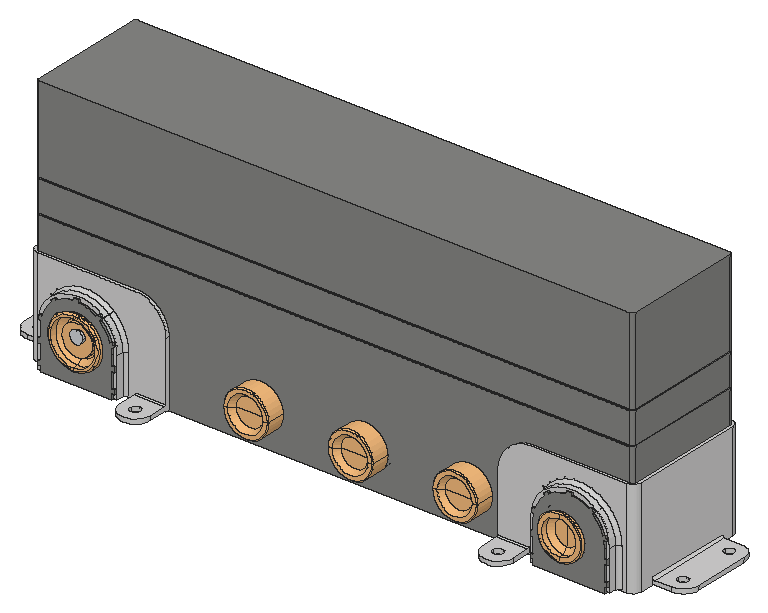
Revit family "Faucet-Valves_and_Controls-KALLISTA-P34725.rfa", category Plumbing Fixtures, host Face, Revit 2021
Family settings
  Host = Face
  Round Connector Dimension = Use Diameter
  Part Type = Normal
  OmniClass Number = 23.27.31.00
  OmniClass Title = Valves
  Cut with Voids When Loaded = No
  Shared = No
  Room Calculation Point = No
Parameters (values of type "NA-Stainless")
  Width = 16 33/64"  # constant formula
  WaterSense Certified = 1 = 0  # no
  Tempered Water Outlet 4 Up [instance] = yes
  Tempered Water Outlet 4 Down [instance] = not(Tempered Water Outlet 4 Up)  # no
  Tempered Water Outlet 4 = "Tempered Water Outlet 4"  # constant formula
  Tempered Water Outlet 3 Up [instance] = yes
  Tempered Water Outlet 3 Down [instance] = not(Tempered Water Outlet 3 Up)  # no
  Tempered Water Outlet 3 = "Tempered Water Outlet 3"  # constant formula
  Tempered Water Outlet 2 Up [instance] = yes
  Tempered Water Outlet 2 Down [instance] = not(Tempered Water Outlet 2 Up)  # no
  Tempered Water Outlet 2 = "Tempered Water Outlet 2 "  # constant formula
  Tempered Water Outlet 1 = "Tempered Water Outlet 1 "  # constant formula
  Waste Connection = 1 = 0  # no
  Vent Connection = 1 = 0  # no
  URL = "https://www.kallista.com/"
  Type = 1
  Tempered Water Outlet 1 Up [instance] = yes
  Tempered Water Outlet 1 Down [instance] = not(Tempered Water Outlet 1 Up)  # no
  Product Page URL = ""
  Product Name = ""
  Product Documentation Link = ""
  Pressure = 60.00 psi  # constant formula
  Model = "P34725-00-NA"  # constant formula
  Material = "Premium Metal Construction"  # constant formula
  Master Format 2014 Name = "Control Valves"  # constant formula
  Master Format 2014 = "23 09 13.33"  # constant formula
  Manufacturer Address = "444 Highland Dr, Kohler, WI 53044"  # constant formula
  Manufacturer = "Kallista Co."  # constant formula
  Length = 6 13/128"  # constant formula
  Hot Water Inlet = "Hot Water Inlet"  # constant formula
  Height = 4 113/128"  # constant formula
  HW Connection = 1 = 1  # yes
  Flow Rate = 11 GPM  # constant formula
  Finish = Kallista-Metal-NA-Stainless
  Environmental Product Declaration = ""
  Description = "Recessed Thermostatic Valve 4 Outlet"  # constant formula
  Default Elevation = 36"
  Declare Label = ""
  Date Modified = "08/02/2022"  # constant formula
  Date Created = "08/02/2022"  # constant formula
  Copyright = "Copyright Kallista Co."  # constant formula
  Contact Us = "https://www.kallista.com/corporate/contact-us/"
  Cold Water Inlet = "Cold Water Inlet"  # constant formula
  CW Connection = 1 = 1  # yes
  Assembly Code = "D2020"
  ADA Compliant = 1 = 0  # no
Reference planes (in)
  plane 1 "Center (Front/Back)": y = 0
  plane 2: z = 0
  plane 3 "Center (Left/Right)": x = 0
  plane 4: y = 2.44094
  plane 5: y = -2.44188
  plane 6: y = -1.59449
  plane 7: y = 1.59449
  plane 8: y = 0.70866
  plane 9: y = -0.70866
  plane 10: y = 2.06693
  plane 11: y = -2.06693
  plane 12: z = -0.00088
  plane 13: z = -5.11811
  plane 14: z = -2.10633
  plane 15: z = -2.89343
  plane 16: y = 1.90957
  plane 17: y = 1.98819
  plane 18: y = -1.90853
  plane 19: y = -1.98819
  plane 20: z = -6.10156
  plane 21: z = -5.21661
  plane 22: x = -8.2579
  plane 23: x = 8.25773
  plane 24: x = -7.88396
  plane 25: x = 7.88396
  plane 26: x = 7.41144
  plane 27: x = -7.41144
  plane 28: x = -6.0332
  plane 29: x = -4.439
  plane 30: x = -1.81655
  plane 31: x = 0.7424
  plane 32: x = 3.3062
  plane 33: x = 5.84649
  plane 34: x = 5.05851
  plane 35: x = 7.0079
  plane 36: x = -7.0079
  plane 37: x = -5.05851
  plane 38: x = 4.439
Forms (in)
  Extrusion 1, void
    sketch origin (0, 0, 0) x (1, 0, 0) y (0, 1, 0)
      loop
        line (7.24348, 1.5155) -> (-7.23521, 1.5155)
        arc (-7.23521, 1.5155) -> (-7.29023, 1.49271) -> (-7.31302, 1.4377) r 0.0778
        line (-7.31302, 1.4377) -> (-7.31302, -1.4394)
        arc (-7.31302, -1.4394) -> (-7.29065, -1.49339) -> (-7.23667, -1.51575) r 0.07635
        line (-7.23667, -1.51575) -> (7.23723, -1.51575)
        arc (7.23723, -1.51575) -> (7.29079, -1.49357) -> (7.31297, -1.44001) r 0.07574
        line (7.31297, -1.44001) -> (7.31297, 1.44601)
        arc (7.31297, 1.44601) -> (7.29262, 1.49515) -> (7.24348, 1.5155) r 0.06949
    from 0 to -3.72055
  Extrusion 2, void
    sketch origin (0, 0, 0) x (1, 0, 0) y (0, 1, 0)
      loop
        line (-8.2579, 2.46949) -> (-8.2579, -2.45386) -> (8.2579, -2.45386) -> (8.2579, 2.46949) -> (-8.2579, 2.46949)
    from -3.72055 to -6.10244
Dimensions and locks (in)
  plane 9 to plane 8 = 1.41732"
  plane 11 to plane 10 = 4.13386"
  level to plane 14 = 2.10633"
  level to plane 15 = 2.89343"
  "Height": plane 5 to plane 4
  "Length": level to plane 20
  "Width": plane 22 to plane 23
  plane 29 to nested 1 = 8.878"
  aligned and locked: plane 2 to host face
  aligned and locked: level to host face
Automatic sketch dimensions
  host sketch curve to host sketch curve = 96"  (x2)
  plane 5 to Extrusion 2 sketch curve = 0.01199"
  Extrusion 2 sketch curve to plane 4 = 0.02855"
  plane 3 "Center (Left/Right)" to Extrusion 2 sketch curve = 8.2579"
  Extrusion 2 sketch curve to plane 3 "Center (Left/Right)" = 8.2579"
  Extrusion 1 sketch curve to plane 27 = 0.09843"
  Extrusion 1 sketch curve to Extrusion 1 sketch curve = 0.07635"
  Extrusion 1 sketch curve to Extrusion 1 sketch curve = 0.0778"
  plane 6 to Extrusion 1 sketch curve = 0.07874"
  Extrusion 1 sketch curve to plane 26 = 0.17421"
  plane 7 to Extrusion 1 sketch curve = 0.07899"
  Extrusion 1 sketch curve to plane 26 = 43/256"
  Extrusion 1 sketch curve to Extrusion 1 sketch curve = 0.07574"
Nested families (in)
  nested 1: "P34725" at (0, 0, -6.10244), type "P34725"
Connectors (in)
  piping at (-6.0332, -1.85039, -5.11819), diameter 0.75, driven by "Flow Rate", driven by "Pressure", driven by "CW Connection", driven by "Cold Water Inlet"
    settings: on nested 1, index 1, connector inside diameter 24", connector length 0", flow factor 0, pipe flow 11 GPM, pressure drop 60.00 psi, fitting loss kfactor 0, connector angle 0.00°, fixture units 0, engagement length 0", angle of deflection 0.00°, flow configuration 1, flow direction 1, fitting loss method 4, system type 19, joint type 0, gender type 0, connector reference index -1, connector utility 1, adjustable connector no, is connector primary yes, connector description "Cold Water Inlet"
  piping at (-6.0332, 1.85039, -5.11819), diameter 0.75, driven by "Flow Rate", driven by "Pressure", driven by "HW Connection", driven by "Hot Water Inlet"
    settings: on nested 1, index 2, connector inside diameter 24", connector length 0", flow factor 0, pipe flow 11 GPM, pressure drop 60.00 psi, fitting loss kfactor 0, connector angle 0.00°, fixture units 0, engagement length 0", angle of deflection 0.00°, flow configuration 1, flow direction 1, fitting loss method 4, system type 19, joint type 0, gender type 0, connector reference index -1, connector utility 1, adjustable connector no, is connector primary no, connector description "Hot Water Inlet"
  piping at (-1.81655, 1.9404, -5.22249), diameter 0.5, driven by "Flow Rate", driven by "Pressure", driven by "HW Connection", driven by "Tempered Water Outlet 1"
    settings: on nested 1, index 3, connector inside diameter 24", connector length 0", flow factor 0, pipe flow 11 GPM, pressure drop 60.00 psi, fitting loss kfactor 0, connector angle 0.00°, fixture units 0, engagement length 0", angle of deflection 0.00°, flow configuration 1, flow direction 2, fitting loss method 4, system type 19, joint type 0, gender type 0, connector reference index -1, connector utility 1, adjustable connector no, is connector primary no, connector description "Tempered Water Outlet 1 "
  piping at (3.3062, 1.94039, -5.22249), diameter 0.5, driven by "Flow Rate", driven by "Pressure", driven by "HW Connection", driven by "Tempered Water Outlet 3"
    settings: on nested 1, index 4, connector inside diameter 24", connector length 0", flow factor 0, pipe flow 11 GPM, pressure drop 60.00 psi, fitting loss kfactor 0, connector angle 0.00°, fixture units 0, engagement length 0", angle of deflection 0.00°, flow configuration 1, flow direction 2, fitting loss method 4, system type 19, joint type 0, gender type 0, connector reference index -1, connector utility 1, adjustable connector no, is connector primary no, connector description "Tempered Water Outlet 3"
  piping at (0.7424, 1.9404, -5.22249), diameter 0.5, driven by "Flow Rate", driven by "Pressure", driven by "HW Connection", driven by "Tempered Water Outlet 2"
    settings: on nested 1, index 5, connector inside diameter 24", connector length 0", flow factor 0, pipe flow 11 GPM, pressure drop 60.00 psi, fitting loss kfactor 0, connector angle 0.00°, fixture units 0, engagement length 0", angle of deflection 0.00°, flow configuration 1, flow direction 2, fitting loss method 4, system type 19, joint type 0, gender type 0, connector reference index -1, connector utility 1, adjustable connector no, is connector primary no, connector description "Tempered Water Outlet 2 "
  piping at (5.84649, 1.85039, -5.22249), diameter 0.5, driven by "Flow Rate", driven by "Pressure", driven by "HW Connection", driven by "Tempered Water Outlet 4"
    settings: on nested 1, index 6, connector inside diameter 24", connector length 0", flow factor 0, pipe flow 11 GPM, pressure drop 60.00 psi, fitting loss kfactor 0, connector angle 0.00°, fixture units 0, engagement length 0", angle of deflection 0.00°, flow configuration 1, flow direction 2, fitting loss method 4, system type 19, joint type 0, gender type 0, connector reference index -1, connector utility 1, adjustable connector no, is connector primary no, connector description "Tempered Water Outlet 4"
Definition of nested family "P34725"
  Parameters (values of type "P34725")
    Material = none
    Default Elevation = 0"
    Connector 4 UP = yes
    Connector 4 Down = not(Connector 4 UP)  # no
    Connector 4 Dis = if(Connector 4 UP, 3 1/32", 0")  # 3 1/32"
    Connector 4 Angle = if(Connector 4 UP, 0.00°, 180.00°)  # 0.00°
    Connector 3 UP = yes
    Connector 3 Down = not(Connector 3 UP)  # no
    Connector 3 Dis = if(Connector 3 UP, 3 1/32", 0")  # 3 1/32"
    Connector 3 Angle = if(Connector 3 UP, 180.00°, 0.00°)  # 180.00°
    Connector 2 UP = yes
    Connector 2 Down = not(Connector 2 UP)  # no
    Connector 2 Dis = if(Connector 2 UP, 3 1/32", 0")  # 3 1/32"
    Connector 2 Angle = if(Connector 2 UP, 0.00°, 180.00°)  # 0.00°
    Connector 1 UP = yes
    Connector 1 Down = not(Connector 1 UP)  # no
    Connector 1 Dis = if(Connector 1 UP, 3 1/32", 0")  # 3 1/32"
    Connector 1 Angle = if(Connector 1 UP, 180.00°, 0.00°)  # 180.00°
  Reference planes (in)
    plane 1 "Center (Front/Back)": y = 0
    plane 2: z = 0
    plane 3 "Center (Left/Right)": x = 0
    plane 4: y = 2.44056
    plane 5: y = 1.51575
    plane 6: y = -2.44056
    plane 7: y = -1.51575
    plane 8: y = 1.59449
    plane 9: y = -1.59449
    plane 10: x = -8.2579
    plane 11: x = -7.41144
    plane 12: x = -7.31302
    plane 13: x = -7.0079
    plane 14: x = -6.96853
    plane 15: x = -5.05851
    plane 16: x = -5.09788
    plane 17: x = -4.81302
    plane 18: x = -4.06498
    plane 19: x = -2.37242
    plane 20: x = -1.26962
    plane 21: x = 0.18692
    plane 22: x = 1.28972
    plane 23: x = 2.74605
    plane 24: x = 3.84885
    plane 25: x = 4.06498
    plane 26: x = 4.81302
    plane 27: x = 5.05851
    plane 28: x = 5.09788
    plane 29: x = 5.30429
    plane 30: x = 6.40685
    plane 31: x = 6.96853
    plane 32: x = 7.0079
    plane 33: x = 8.2579
    plane 34: x = 7.41144
    plane 35: x = 7.31302
    plane 36: z = 6.10236
    plane 37: z = 5.70866
    plane 38: z = 2.38189
    plane 39: z = 0.11829
    plane 40: x = -7.06464
    plane 41: x = -7.21499
    plane 42: x = -4.99619
    plane 43: x = -4.93113
    plane 44: x = 4.96061
    plane 45: x = 7.10628
    plane 46: x = 7.21499
    plane 47: x = -1.81655
    plane 48: x = 5.84649
    plane 49: x = 3.3062
    plane 50: x = 0.7424
    plane 51: x = -6.0332
    plane 52: y = 1.43715
    plane 53: y = 1.39764
    plane 54: y = -1.43715
    plane 55: y = -1.39764
    plane 56: y = -0.04594
    plane 57: y = 1.06299
    plane 58: y = -1.06299
    plane 59: y = 0.7088
    plane 60: y = -0.70874
    plane 61: y = 2.06786
    plane 62: x = -4.439
    plane 63: x = -7.88396
    plane 64: x = 7.88396
    plane 65: y = -2.06786
    plane 66: x = 4.439
    plane 67: z = 0.21715
    plane 68 "B": y = 1.5155
    plane 69 "C": y = 1.5155
    plane 70 "D": y = 1.5155
    plane 71 "E": y = 1.5155
    plane 72: z = 0.87995
    plane 73: z = 0.98425
    plane 74: y = 1.98819
    plane 75: y = -1.98819
  Forms (in)
    Extrusion 1, solid, detail levels medium+fine
      sketch origin (0, 0, 0) x (1, 0, 0) y (0, 1, 0)
        loop
          line (7.23528, 1.51575) -> (-7.23442, 1.51575)
          arc (-7.23442, 1.51575) -> (-7.29, 1.49273) -> (-7.31302, 1.43715) r 0.0786
          line (-7.31302, 1.43715) -> (-7.31302, -1.43749)
          arc (-7.31302, -1.43749) -> (-7.29009, -1.49283) -> (-7.23476, -1.51575) r 0.07826
          line (-7.23476, -1.51575) -> (7.23455, -1.51575)
          arc (7.23455, -1.51575) -> (7.29, -1.49278) -> (7.31297, -1.43733) r 0.07842
          line (7.31297, -1.43733) -> (7.31297, 1.43806)
          arc (7.31297, 1.43806) -> (7.29022, 1.49299) -> (7.23528, 1.51575) r 0.07769
      from 0 to 6.10236
    Extrusion 2, solid, material <- "Material", detail levels medium+fine
      sketch origin (0, 0, 0) x (1, 0, 0) y (0, 1, 0)
        loop
          line (-3.3914, 1.59449) -> (-7.21405, 1.59449)
          arc (-7.21405, 1.59449) -> (-7.35363, 1.53667) -> (-7.41144, 1.3971) r 0.19739
          line (-7.41144, 1.3971) -> (-7.41144, -1.39804)
          arc (-7.41144, -1.39804) -> (-7.3539, -1.53695) -> (-7.21499, -1.59449) r 0.19645
          line (-7.21499, -1.59449) -> (-3.3914, -1.59449) -> (-3.3914, 1.59449)
        loop
          line (3.827, 1.59449) -> (3.827, -1.59449) -> (7.21499, -1.59449)
          arc (7.21499, -1.59449) -> (7.3539, -1.53695) -> (7.41144, -1.39804) r 0.19645
          line (7.41144, -1.39804) -> (7.41144, 1.3971)
          arc (7.41144, 1.3971) -> (7.35363, 1.53667) -> (7.21405, 1.59449) r 0.19739
          line (7.21405, 1.59449) -> (3.827, 1.59449)
      from 0 to 3.16929
    Extrusion 3, void
      sketch origin (0, 0, 0) x (1, 0, 0) y (0, 0, 1)
        loop
          arc (-4.8502, 2.38189) -> (-4.29497, 2.15191) -> (-4.06498, 1.59667) r 0.78522
          line (-4.06498, 1.59667) -> (-4.06498, -0.30561) -> (-3.06498, -0.30561) -> (-3.06498, 3.38189) -> (-7.81498, 3.38189) -> (-7.81498, 2.38189) -> (-4.8502, 2.38189)
        loop
          line (7.8518, 2.38189) -> (7.8518, 3.38189) -> (3.2893, 3.38189) -> (3.2893, -0.71748) -> (4.06494, -0.71748) -> (4.06494, 1.59502)
          arc (4.06494, 1.59502) -> (4.29541, 2.15142) -> (4.8518, 2.38189) r 0.78687
          line (4.8518, 2.38189) -> (7.8518, 2.38189)
      from -2.82494 to 2.86769
    Extrusion 4, solid, material <- "Material", detail levels medium+fine
      sketch origin (0, 0, -0.00391) x (1, 0, 0) y (0, 1, 0)
        loop
          line (-7.41144, 1.06299) -> (-7.8832, 1.06299)
          arc (-7.8832, 1.06299) -> (-8.14815, 0.95325) -> (-8.2579, 0.68829) r 0.3747
          line (-8.2579, 0.68829) -> (-8.2579, -0.68823)
          arc (-8.2579, -0.68823) -> (-8.14813, -0.95323) -> (-7.88314, -1.06299) r 0.37476
          line (-7.88314, -1.06299) -> (-7.41144, -1.06299) -> (-7.41144, 1.06299)
        loop
          arc (-4.81302, -2.06655) -> (-4.439, -2.44056) -> (-4.06498, -2.06655) r 0.37402
          line (-4.06498, -2.06655) -> (-4.06498, -1.59449) -> (-4.81302, -1.59449) -> (-4.81302, -2.06655)
        loop
          line (-4.06498, 1.59449) -> (-4.06498, 2.06786)
          arc (-4.06498, 2.06786) -> (-4.439, 2.44188) -> (-4.81302, 2.06786) r 0.37402
          line (-4.81302, 2.06786) -> (-4.81302, 1.59449) -> (-4.06498, 1.59449)
        loop
          circle (-7.88396, 0.7088) r 0.12529
        loop
          circle (-7.88396, -0.7088) r 0.12529
        loop
          circle (-4.439, 2.06786) r 0.12354
        loop
          circle (-4.439, -2.06655) r 0.12509
        loop
          line (7.41144, 1.06299) -> (7.41144, -1.06299) -> (7.88314, -1.06299)
          arc (7.88314, -1.06299) -> (8.14813, -0.95323) -> (8.2579, -0.68823) r 0.37476
          line (8.2579, -0.68823) -> (8.2579, 0.68829)
          arc (8.2579, 0.68829) -> (8.14815, 0.95325) -> (7.8832, 1.06299) r 0.3747
          line (7.8832, 1.06299) -> (7.41144, 1.06299)
        loop
          line (4.81302, -2.06655) -> (4.81302, -1.59449) -> (4.06498, -1.59449) -> (4.06498, -2.06655)
          arc (4.06498, -2.06655) -> (4.439, -2.44056) -> (4.81302, -2.06655) r 0.37402
        loop
          line (4.06498, 1.59449) -> (4.81302, 1.59449) -> (4.81302, 2.06786)
          arc (4.81302, 2.06786) -> (4.439, 2.44188) -> (4.06498, 2.06786) r 0.37402
          line (4.06498, 2.06786) -> (4.06498, 1.59449)
        loop
          circle (7.88396, 0.7088) r 0.12529
        loop
          circle (7.88396, -0.7088) r 0.12529
        loop
          circle (4.439, 2.06786) r 0.12354
        loop
          circle (4.439, -2.06655) r 0.12509
      from 0.02344 to 0.12219
    Sweep 5, solid, material <- "Material", detail levels medium+fine
      path origin (0, 0, 0) x (1, 0, 0) y (0, 0, 1)
        loop
          line (-5.05908, 0.01969) -> (-5.05908, 0.98445)
          arc (-5.05908, 0.98445) -> (-6.03349, 1.95886) -> (-7.0079, 0.98445) r 0.97441
          line (-7.0079, 0.98445) -> (-7.0079, 0.01969)
      profile origin (-7.0079, 0, 0.50207) x (0, -1, 0) y (1, 0, 0)
        loop
          line (1.85039, 0) -> (1.85039, 0.31023) -> (1.58863, 0.31023) -> (1.58863, -0.07652)
          arc (1.58863, -0.07652) -> (1.62824, -0.02118) -> (1.69291, 0) r 0.10932
          line (1.69291, 0) -> (1.85039, 0)
        loop
          line (-1.85039, 0) -> (-1.69291, 0)
          arc (-1.69291, 0) -> (-1.62824, -0.02118) -> (-1.58863, -0.07652) r 0.10932
          line (-1.58863, -0.07652) -> (-1.58863, 0.31023) -> (-1.85039, 0.31023) -> (-1.85039, 0)
    Sweep 6, solid, material <- "Material", detail levels medium+fine
      path origin (0, 0, 0) x (-1, 0, 0) y (0, 0, 1)
        loop
          line (-5.05908, 0.01969) -> (-5.05908, 0.98445)
          arc (-5.05908, 0.98445) -> (-6.03349, 1.95886) -> (-7.0079, 0.98445) r 0.97441
          line (-7.0079, 0.98445) -> (-7.0079, 0.01969)
      profile origin (7.0079, 0, 0.50207) x (0, -1, 0) y (1, 0, 0)
        loop
          line (1.85039, 0) -> (1.69291, 0)
          arc (1.69291, 0) -> (1.62042, 0.02929) -> (1.58863, 0.10072) r 0.10435
          line (1.58863, 0.10072) -> (1.58863, -0.31023) -> (1.85039, -0.31023) -> (1.85039, 0)
        loop
          line (-1.85039, 0) -> (-1.85039, -0.31023) -> (-1.58863, -0.31023) -> (-1.58863, 0.10072)
          arc (-1.58863, 0.10072) -> (-1.62042, 0.02929) -> (-1.69291, 0) r 0.10435
          line (-1.69291, 0) -> (-1.85039, 0)
    Extrusion 7, solid, detail levels medium+fine
      sketch origin (0, 0, 0) x (1, 0, 0) y (0, 0, 1)
        loop
          line (-6.90947, 0.1378) -> (-6.90947, 0) -> (-5.1575, 0) -> (-5.1575, 0.1378) -> (-5.09845, 0.1378) -> (-5.09845, 0.25591) -> (-5.1575, 0.25591) -> (-5.1575, 0.62992) -> (-5.09845, 0.62992) -> (-5.09845, 0.74803) -> (-5.1575, 0.74803) -> (-5.1575, 0.98425)
          arc (-5.1575, 0.98425) -> (-5.16093, 1.06162) -> (-5.17117, 1.13839) r 0.87598
          line (-5.17117, 1.13839) -> (-5.1138, 1.15269)
          arc (-5.1138, 1.15269) -> (-5.12627, 1.21045) -> (-5.14235, 1.2673) r 0.93495
          line (-5.14235, 1.2673) -> (-5.19974, 1.25299)
          arc (-5.19974, 1.25299) -> (-5.29883, 1.46135) -> (-5.44887, 1.63661) r 0.87598
          line (-5.44887, 1.63661) -> (-5.4124, 1.68329)
          arc (-5.4124, 1.68329) -> (-5.45778, 1.72112) -> (-5.50546, 1.75602) r 0.93495
          line (-5.50546, 1.75602) -> (-5.54194, 1.70932)
          arc (-5.54194, 1.70932) -> (-5.7483, 1.81251) -> (-5.97443, 1.85824) r 0.87598
          line (-5.97443, 1.85824) -> (-5.97443, 1.91753)
          arc (-5.97443, 1.91753) -> (-6.03349, 1.9194) -> (-6.09254, 1.91753) r 0.93495
          line (-6.09254, 1.91753) -> (-6.09254, 1.85824)
          arc (-6.09254, 1.85824) -> (-6.31868, 1.81251) -> (-6.52503, 1.70932) r 0.87598
          line (-6.52503, 1.70932) -> (-6.56151, 1.75602)
          arc (-6.56151, 1.75602) -> (-6.60919, 1.72112) -> (-6.65458, 1.68329) r 0.93495
          line (-6.65458, 1.68329) -> (-6.61811, 1.63661)
          arc (-6.61811, 1.63661) -> (-6.76815, 1.46135) -> (-6.86723, 1.25299) r 0.87598
          line (-6.86723, 1.25299) -> (-6.92462, 1.2673)
          arc (-6.92462, 1.2673) -> (-6.94071, 1.21045) -> (-6.95317, 1.15269) r 0.93495
          line (-6.95317, 1.15269) -> (-6.8958, 1.13839)
          arc (-6.8958, 1.13839) -> (-6.90605, 1.06162) -> (-6.90947, 0.98425) r 0.87598
          line (-6.90947, 0.98425) -> (-6.90947, 0.74803) -> (-6.96853, 0.74803) -> (-6.96853, 0.62992) -> (-6.90947, 0.62992) -> (-6.90947, 0.25591) -> (-6.96853, 0.25591) -> (-6.96853, 0.1378) -> (-6.90947, 0.1378)
        loop
          line (6.90926, 0.1378) -> (6.96832, 0.1378) -> (6.96832, 0.25591) -> (6.90926, 0.25591) -> (6.90926, 0.62992) -> (6.96832, 0.62992) -> (6.96832, 0.74803) -> (6.90926, 0.74803) -> (6.90926, 0.98425)
          arc (6.90926, 0.98425) -> (6.90584, 1.06162) -> (6.8956, 1.13839) r 0.87598
          line (6.8956, 1.13839) -> (6.95296, 1.15269)
          arc (6.95296, 1.15269) -> (6.9405, 1.21045) -> (6.92441, 1.2673) r 0.93495
          line (6.92441, 1.2673) -> (6.86702, 1.25299)
          arc (6.86702, 1.25299) -> (6.76794, 1.46135) -> (6.6179, 1.63661) r 0.87598
          line (6.6179, 1.63661) -> (6.65437, 1.68329)
          arc (6.65437, 1.68329) -> (6.60899, 1.72112) -> (6.5613, 1.75602) r 0.93495
          line (6.5613, 1.75602) -> (6.52483, 1.70932)
          arc (6.52483, 1.70932) -> (6.31847, 1.81251) -> (6.09233, 1.85824) r 0.87598
          line (6.09233, 1.85824) -> (6.09233, 1.91753)
          arc (6.09233, 1.91753) -> (6.03328, 1.9194) -> (5.97422, 1.91753) r 0.93495
          line (5.97422, 1.91753) -> (5.97422, 1.85824)
          arc (5.97422, 1.85824) -> (5.74809, 1.81251) -> (5.54173, 1.70932) r 0.87598
          line (5.54173, 1.70932) -> (5.50525, 1.75602)
          arc (5.50525, 1.75602) -> (5.45757, 1.72112) -> (5.41219, 1.68329) r 0.93495
          line (5.41219, 1.68329) -> (5.44866, 1.63661)
          arc (5.44866, 1.63661) -> (5.29862, 1.46135) -> (5.19954, 1.25299) r 0.87598
          line (5.19954, 1.25299) -> (5.14214, 1.2673)
          arc (5.14214, 1.2673) -> (5.12606, 1.21045) -> (5.11359, 1.15269) r 0.93495
          line (5.11359, 1.15269) -> (5.17096, 1.13839)
          arc (5.17096, 1.13839) -> (5.16072, 1.06162) -> (5.15729, 0.98425) r 0.87598
          line (5.15729, 0.98425) -> (5.15729, 0.74803) -> (5.09824, 0.74803) -> (5.09824, 0.62992) -> (5.15729, 0.62992) -> (5.15729, 0.25591) -> (5.09824, 0.25591) -> (5.09824, 0.1378) -> (5.15729, 0.1378) -> (5.15729, 0) -> (6.90926, 0) -> (6.90926, 0.1378)
      from -1.92913 to 1.8897
    Revolve 8, solid, detail levels medium+fine
      sketch origin (-6.0332, 0, 0) x (0, 1, 0) y (0, 0, 1)
        loop
          line (-1.98819, 1.58465) -> (-1.98819, 1.52773) -> (-1.85039, 1.52773) -> (-1.72942, 1.40675) -> (-1.72942, 0.98425) -> (1.72942, 0.98425) -> (1.72942, 1.40675) -> (1.85039, 1.52773) -> (1.98819, 1.52773) -> (1.98819, 1.58465) -> (1.94895, 1.62388) -> (-1.94895, 1.62388) -> (-1.98819, 1.58465)
        axis (1.98819, 0.98425) -> (-1.98819, 0.98425)
      angle from 0 to 360
    Revolve 9, solid, detail levels medium+fine
      sketch origin (5.85547, 0, 0) x (0, 1, 0) y (0, 0, 1)
        loop
          line (-1.9685, 1.30575) -> (-1.84716, 1.30575) -> (-1.72942, 1.188) -> (-1.72942, 0.88583) -> (1.72942, 0.88583) -> (1.72942, 1.188) -> (1.84716, 1.30575) -> (1.9685, 1.30575) -> (1.9685, 1.4127) -> (1.94882, 1.43701) -> (-1.94882, 1.43701) -> (-1.9685, 1.4127) -> (-1.9685, 1.30575)
        axis (-1.9685, 0.88583) -> (1.9685, 0.88583)
      angle from 0 to 360
    Revolve 10, solid, detail levels medium+fine
      sketch origin (0, 0, 0.88574) x (1, 0, 0) y (0, 1, 0)
        loop
          line (2.86415, -1.9685) -> (2.95569, -1.83778) -> (3.29722, -1.83778) -> (3.29722, 1.83778) -> (2.95569, 1.83778) -> (2.86415, 1.9685) -> (2.76572, 1.9685) -> (2.74604, 1.94039) -> (2.74604, -1.94039) -> (2.76572, -1.9685) -> (2.86415, -1.9685)
        axis (3.29722, -1.9685) -> (3.29722, 1.9685)
      angle from 0 to 360
    Revolve 11, solid, detail levels medium+fine
      sketch origin (4.03612, 0, 0.88574) x (-1, 0, 0) y (0, -1, 0)
        loop
          line (3.73029, 1.9685) -> (3.63876, 1.83777) -> (3.29722, 1.83777) -> (3.29722, -1.83778) -> (3.63876, -1.83778) -> (3.73029, -1.96851) -> (3.82872, -1.96851) -> (3.8484, -1.9404) -> (3.8484, 1.94039) -> (3.82872, 1.9685) -> (3.73029, 1.9685)
        axis (3.29722, 1.9685) -> (3.29722, -1.96851)
      angle from 0 to 360
    Revolve 12, solid, detail levels medium+fine
      sketch origin (-5.11824, 0, 0.88574) x (1, 0, 0) y (0, 1, 0)
        loop
          line (2.86415, -1.9685) -> (2.95569, -1.83778) -> (3.29722, -1.83778) -> (3.29722, 1.83778) -> (2.95569, 1.83778) -> (2.86415, 1.9685) -> (2.76572, 1.9685) -> (2.74604, 1.94039) -> (2.74604, -1.94039) -> (2.76572, -1.9685) -> (2.86415, -1.9685)
        axis (3.29722, -1.9685) -> (3.29722, 1.9685)
      angle from 0 to 360
    Sweep 13, void
      path origin (0, 0, 0) x (1, 0, 0) y (0, 1, 0)
        loop
          line (-7.31302, 1.43715) -> (-7.31302, -1.43749)
          arc (-7.31302, -1.43749) -> (-7.29009, -1.49283) -> (-7.23476, -1.51575) r 0.07826
          line (-7.23476, -1.51575) -> (7.23455, -1.51575)
          arc (7.23455, -1.51575) -> (7.29, -1.49278) -> (7.31297, -1.43733) r 0.07842
          line (7.31297, -1.43733) -> (7.31297, 1.43806)
          arc (7.31297, 1.43806) -> (7.29022, 1.49299) -> (7.23528, 1.51575) r 0.07769
          line (7.23528, 1.51575) -> (-7.23442, 1.51575)
          arc (-7.23442, 1.51575) -> (-7.29, 1.49273) -> (-7.31302, 1.43715) r 0.0786
      profile origin (-7.31302, -0.00017, 0) x (1, 0, 0) y (0, 0, 1)
        loop
          line (0.01969, 3.20866) -> (-0.03333, 3.20866) -> (-0.03333, 3.16929) -> (0.01969, 3.16929) -> (0.01969, 3.20866)
        loop
          line (0.01969, 3.99606) -> (-0.03033, 3.99606) -> (-0.03033, 3.95669) -> (0.01969, 3.95669) -> (0.01969, 3.99606)
    Extrusion 14, void
      sketch origin (0, 0, 0) x (1, 0, 0) y (0, 0, 1)
        loop
          circle (-6.0332, 0.98425) r 0.60039
      from 1.43701 to 2.06237
    Extrusion 15, void
      sketch origin (0, 0, 0) x (1, 0, 0) y (0, 0, 1)
        loop
          circle (5.85547, 0.88583) r 0.44719
      from 1.06299 to 2.19501
    Extrusion 16, void
      sketch origin (0, 0, 0) x (1, 0, 0) y (0, 0, -1)
        loop
          circle (-6.0332, -0.98425) r 0.60039
      from 1.43701 to 2.06237
    Extrusion 17, void
      sketch origin (0, 0, 0) x (1, 0, 0) y (0, 0, -1)
        loop
          circle (5.85547, -0.88583) r 0.5
      from 1.06299 to 2.19501
    Extrusion 18, solid, material <- "Material", detail levels medium+fine
      sketch origin (0, 0, 0) x (1, 0, 0) y (0, 0, 1)
        loop
          line (-7.50289, 0.11079) -> (-7.40402, 0.11079) -> (-7.40402, 0.20277)
          arc (-7.40402, 0.20277) -> (-7.43537, 0.13734) -> (-7.50289, 0.11079) r 0.09913
      from -1.06299 to 1.06299
    Extrusion 19, solid, material <- "Material", detail levels medium+fine
      sketch origin (0, 0, 0) x (-1, 0, 0) y (0, 0, -1)
        loop
          arc (-7.50289, -0.11079) -> (-7.43537, -0.13734) -> (-7.40402, -0.20277) r 0.09913
          line (-7.40402, -0.20277) -> (-7.40402, -0.11079) -> (-7.50289, -0.11079)
      from -1.06299 to 1.06299
    Extrusion 20, solid, material <- "Material", detail levels medium+fine
      sketch origin (0, -0.10547, -0.00391) x (0, 1, 0) y (0, 0, 1)
        loop
          arc (1.75993, 0.11488) -> (1.70932, 0.14101) -> (1.68901, 0.19422) r 0.07984
          line (1.68901, 0.19422) -> (1.68901, 0.11488) -> (1.75993, 0.11488)
      from 4.06494 to 4.81302
    Extrusion 21, solid, material <- "Material", detail levels medium+fine
      sketch origin (0, -0.10547, -0.00391) x (0, 1, 0) y (0, 0, -1)
        loop
          line (1.75993, -0.11488) -> (1.68901, -0.11488) -> (1.68901, -0.19422)
          arc (1.68901, -0.19422) -> (1.70932, -0.14101) -> (1.75993, -0.11488) r 0.07984
      from 4.06494 to 4.81302
    Extrusion 22, solid, material <- "Material", detail levels medium+fine
      sketch origin (0, 0.10547, -0.00391) x (0, -1, 0) y (0, 0, -1)
        loop
          line (1.75993, -0.11488) -> (1.68901, -0.11488) -> (1.68901, -0.19422)
          arc (1.68901, -0.19422) -> (1.70932, -0.14101) -> (1.75993, -0.11488) r 0.07984
      from 4.06494 to 4.81302
    Extrusion 23, solid, material <- "Material", detail levels medium+fine
      sketch origin (0, 0.10547, -0.00391) x (0, -1, 0) y (0, 0, 1)
        loop
          arc (1.75993, 0.11488) -> (1.70932, 0.14101) -> (1.68901, 0.19422) r 0.07984
          line (1.68901, 0.19422) -> (1.68901, 0.11488) -> (1.75993, 0.11488)
      from 4.06494 to 4.81302
    Extrusion 24, solid, detail levels medium+fine
      sketch origin (0, 0, 0) x (1, 0, 0) y (0, 0, 1)
        loop
          circle (-6.0332, 0.98425) r 0.375
      from -1.85039 to 1.85039
    Extrusion 25, solid, material <- "Material", detail levels coarse
      sketch origin (0, 0, 0) x (1, 0, 0) y (0, 0, 1)
        loop
          line (-7.08442, 0) -> (-4.98256, 0) -> (-4.98256, 0.98862)
          arc (-4.98256, 0.98862) -> (-6.03349, 2.03955) -> (-7.08442, 0.98862) r 1.05093
          line (-7.08442, 0.98862) -> (-7.08442, 0)
      from -1.92913 to 1.8897
    Extrusion 26, solid, material <- "Material", detail levels coarse
      sketch origin (0, 0, 0) x (-1, 0, 0) y (0, 0, -1)
        loop
          line (-7.08442, 0) -> (-7.08442, -0.98862)
          arc (-7.08442, -0.98862) -> (-6.03349, -2.03955) -> (-4.98256, -0.98862) r 1.05093
          line (-4.98256, -0.98862) -> (-4.98256, 0) -> (-7.08442, 0)
      from -1.92913 to 1.8897
    Extrusion 27, solid, detail levels coarse
      sketch origin (0, 0, 0) x (1, 0, 0) y (0, 0, 1)
        loop
          circle (-6.0332, 0.98425) r 0.69038
      from -1.98819 to 1.98819
    Extrusion 28, solid, detail levels coarse
      sketch origin (12.69224, 0, -0.09375) x (1, 0, 0) y (0, 0, 1)
        loop
          circle (-14.51192, 0.97949) r 0.58377
        loop
          circle (-11.952, 0.97949) r 0.58377
        loop
          circle (-9.39368, 0.97949) r 0.58377
      from -1.98819 to 1.98819
    Extrusion 29, solid, detail levels coarse
      sketch origin (11.89365, 0, -0.09375) x (1, 0, 0) y (0, 0, 1)
        loop
          circle (-6.03818, 0.97958) r 0.56629
      from -1.98819 to 1.98819
    Extrusion 30, solid, material <- "Material", detail levels coarse
      sketch origin (0, 0, 0) x (1, 0, 0) y (0, 1, 0)
        loop
          line (-8.2579, -1.06299) -> (-7.41144, -1.06299) -> (-7.41144, -1.59449) -> (-4.81302, -1.59449) -> (-4.81302, -2.06655)
          arc (-4.81302, -2.06655) -> (-4.439, -2.44056) -> (-4.06498, -2.06655) r 0.37402
          line (-4.06498, -2.06655) -> (-4.06498, 2.06786)
          arc (-4.06498, 2.06786) -> (-4.439, 2.44188) -> (-4.81302, 2.06786) r 0.37402
          line (-4.81302, 2.06786) -> (-4.81302, 1.59449) -> (-7.41144, 1.59449) -> (-7.41144, 1.06299) -> (-8.2579, 1.06299) -> (-8.2579, -1.06299)
        loop
          line (8.2579, -1.06299) -> (8.2579, 1.06299) -> (7.41144, 1.06299) -> (7.41144, 1.59449) -> (4.81302, 1.59449) -> (4.81302, 2.06786)
          arc (4.81302, 2.06786) -> (4.439, 2.44188) -> (4.06498, 2.06786) r 0.37402
          line (4.06498, 2.06786) -> (4.06498, -2.06655)
          arc (4.06498, -2.06655) -> (4.439, -2.44056) -> (4.81302, -2.06655) r 0.37402
          line (4.81302, -2.06655) -> (4.81302, -1.59449) -> (7.41144, -1.59449) -> (7.41144, -1.06299) -> (8.2579, -1.06299)
        loop
          circle (-4.439, -2.06655) r 0.12509
        loop
          circle (-7.88396, -0.7088) r 0.12529
        loop
          circle (-7.88396, 0.7088) r 0.12529
        loop
          circle (-4.439, 2.06786) r 0.12354
        loop
          circle (4.439, 2.06786) r 0.12354
        loop
          circle (4.439, -2.06655) r 0.12509
        loop
          circle (7.88396, -0.7088) r 0.12529
        loop
          circle (7.88396, 0.7088) r 0.12529
      from 0 to 0.11829
    Revolve 31, solid, detail levels medium+fine
      sketch origin (5.84649, 1.5155, 0.87995) x (0, 1, 0) y (-1, 0, 0)
        loop
          line (0.00004, 0) -> (0.00004, -0.25) -> (0.33489, -0.25) -> (0.33489, 0) -> (0.00004, 0)
        axis (0.00004, 0) -> (0.33489, 0)
      angle from 0 to 360
    Revolve 32, solid, detail levels medium+fine
      sketch origin (3.3062, 1.5155, 0.87995) x (0, 1, 0) y (-1, 0, 0)
        loop
          line (0.00113, 0) -> (0.00113, -0.25) -> (0.42489, -0.25) -> (0.42489, 0) -> (0.00113, 0)
        axis (0.00113, 0) -> (0.42489, 0)
      angle from 0 to 360
    Revolve 33, solid, detail levels medium+fine
      sketch origin (0.7424, 1.5155, 0.87995) x (0, 1, 0) y (-1, 0, 0)
        loop
          line (0.0011, 0) -> (0.0011, -0.25) -> (0.4249, -0.25) -> (0.4249, 0) -> (0.0011, 0)
        axis (0.0011, 0) -> (0.4249, 0)
      angle from 0 to 360
    Revolve 34, solid, detail levels medium+fine
      sketch origin (-1.81655, 1.5155, 0.87995) x (0, 1, 0) y (-1, 0, 0)
        loop
          line (0.00116, 0) -> (0.00116, -0.25) -> (0.4249, -0.25) -> (0.4249, 0) -> (0.00116, 0)
        axis (0.00116, 0) -> (0.4249, 0)
      angle from 0 to 360
    Extrusion 35, solid, detail levels medium+fine
      sketch origin (-3.80261, 0.00609, 0.1017) x (1, 0, 0) y (0, 0, 1)
        loop
          circle (-2.20961, 0.98425) r 0.15748
      from -1.90938 to 1.90938
    Extrusion 36, solid, material <- "Material", detail levels coarse
      sketch origin (0, 0, 0) x (1, 0, 0) y (0, 1, 0)
        loop
          arc (7.41144, 1.3971) -> (7.35363, 1.53667) -> (7.21405, 1.59449) r 0.19739
          line (7.21405, 1.59449) -> (4.06498, 1.59449) -> (4.06498, 1.51575) -> (7.23205, 1.51575)
          arc (7.23205, 1.51575) -> (7.28927, 1.49205) -> (7.31297, 1.43483) r 0.08092
          line (7.31297, 1.43483) -> (7.31297, -1.43644)
          arc (7.31297, -1.43644) -> (7.28974, -1.49252) -> (7.23366, -1.51575) r 0.07931
          line (7.23366, -1.51575) -> (4.06498, -1.51575) -> (4.06498, -1.59449) -> (7.21499, -1.59449)
          arc (7.21499, -1.59449) -> (7.3539, -1.53695) -> (7.41144, -1.39804) r 0.19645
          line (7.41144, -1.39804) -> (7.41144, 1.3971)
        loop
          line (-4.06498, 1.59449) -> (-7.21405, 1.59449)
          arc (-7.21405, 1.59449) -> (-7.35363, 1.53667) -> (-7.41144, 1.3971) r 0.19739
          line (-7.41144, 1.3971) -> (-7.41144, -1.39804)
          arc (-7.41144, -1.39804) -> (-7.3539, -1.53695) -> (-7.21499, -1.59449) r 0.19645
          line (-7.21499, -1.59449) -> (-4.06498, -1.59449) -> (-4.06498, -1.51575) -> (-7.23274, -1.51575)
          arc (-7.23274, -1.51575) -> (-7.2895, -1.49224) -> (-7.31302, -1.43548) r 0.08027
          line (-7.31302, -1.43548) -> (-7.31302, 1.43672)
          arc (-7.31302, 1.43672) -> (-7.28987, 1.4926) -> (-7.23398, 1.51575) r 0.07903
          line (-7.23398, 1.51575) -> (-4.06498, 1.51575) -> (-4.06498, 1.59449)
      from 0 to 2.38189
    Extrusion 37, solid, detail levels coarse
      sketch origin (0, 0, 0) x (1, 0, 0) y (0, 1, 0)
        loop
          arc (7.31297, 1.43806) -> (7.29022, 1.49299) -> (7.23528, 1.51575) r 0.07769
          line (7.23528, 1.51575) -> (-7.23442, 1.51575)
          arc (-7.23442, 1.51575) -> (-7.29, 1.49273) -> (-7.31302, 1.43715) r 0.0786
          line (-7.31302, 1.43715) -> (-7.31302, -1.43749)
          arc (-7.31302, -1.43749) -> (-7.29009, -1.49283) -> (-7.23476, -1.51575) r 0.07826
          line (-7.23476, -1.51575) -> (7.23455, -1.51575)
          arc (7.23455, -1.51575) -> (7.29, -1.49278) -> (7.31297, -1.43733) r 0.07842
          line (7.31297, -1.43733) -> (7.31297, 1.43806)
      from 0 to 6.10236
  Cuts and joins
    Extrusion 16 cuts Sweep 6
    Extrusion 3, Extrusion 16, Extrusion 17 cuts Extrusion 2
    joined: Extrusion 2, Extrusion 4, Extrusion 18, Extrusion 19, Extrusion 20, Extrusion 21, Extrusion 22, Extrusion 23
    joined: Revolve 8, Revolve 9, Revolve 10, Revolve 11, Revolve 12, Extrusion 24
    joined: Extrusion 25, Extrusion 26, Extrusion 30, Extrusion 36
    joined: Extrusion 27, Extrusion 28, Extrusion 29
    Extrusion 16, Extrusion 17 cuts Sweep 5
    Sweep 13, Extrusion 16, Extrusion 17 cuts Extrusion 1
    Extrusion 14, Extrusion 15, Extrusion 16, Extrusion 17 cuts Extrusion 7
  Lines and regions (in)
    Masking region 1, detail levels medium+fine
      outline origin (0, 0, 0) x (1, 0, 0) y (0, 0, 1)
        loop
          line (7.31288, 6.10236) -> (-7.31302, 6.10236) -> (-7.31302, 2.38189) -> (-7.41144, 2.38189) -> (-7.41144, 0.21465)
          arc (-7.41144, 0.21465) -> (-7.43972, 0.14638) -> (-7.50798, 0.11811) r 0.09654
          line (-7.50798, 0.11811) -> (-8.2579, 0.11811) -> (-8.2579, 0) -> (8.2579, 0) -> (8.2579, 0.11826) -> (7.50928, 0.11826)
          arc (7.50928, 0.11826) -> (7.4401, 0.14692) -> (7.41144, 0.21611) r 0.09784
          line (7.41144, 0.21611) -> (7.41144, 2.38189) -> (7.31288, 2.38189) -> (7.31288, 6.10236)
    Masking region 2
      outline origin (0, 0, 0) x (0, 1, 0) y (0, 0, 1)
        loop
          line (1.51575, 6.10236) -> (-1.51575, 6.10236) -> (-1.51575, 2.38189) -> (-1.59449, 2.38189) -> (-1.59449, 2.05669)
          arc (-1.59449, 2.05669) -> (-1.62314, 1.98751) -> (-1.69233, 1.95886) r 0.09784
          line (-1.69233, 1.95886) -> (-1.85039, 1.95886) -> (-1.85039, 1.9194) -> (-1.8897, 1.9194) -> (-1.8897, 1.62388) -> (-1.94895, 1.62388) -> (-1.98819, 1.58465) -> (-1.98819, 0.37402) -> (-1.94882, 0.33465) -> (-1.8897, 0.33465) -> (-1.8897, 0.11826) -> (-2.44056, 0.11826) -> (-2.44056, 0) -> (-0.00047, 0) -> (2.44191, 0) -> (2.44191, 0.11826) -> (1.92913, 0.11826) -> (1.92913, 0.31495) -> (1.98819, 0.37402) -> (1.98819, 1.58465) -> (1.92876, 1.64407) -> (1.92876, 1.9194) -> (1.85039, 1.9194) -> (1.85039, 1.95886) -> (1.69233, 1.95886)
          arc (1.69233, 1.95886) -> (1.62314, 1.98751) -> (1.59449, 2.05669) r 0.09784
          line (1.59449, 2.05669) -> (1.59449, 2.38189) -> (1.51575, 2.38189) -> (1.51575, 6.10236)
    Masking region 3
      outline origin (5.84649, 1.5155, 0.87995) x (0, 1, 0) y (-1, 0, 0)
        loop
          arc (0.00025, 13.08091) -> (-0.02277, 13.13648) -> (-0.07835, 13.1595) r 0.0786
          line (-0.07835, 13.1595) -> (-2.95299, 13.1595)
          arc (-2.95299, 13.1595) -> (-3.00833, 13.13658) -> (-3.03125, 13.08124) r 0.07826
          line (-3.03125, 13.08124) -> (-3.03125, -1.38806)
          arc (-3.03125, -1.38806) -> (-3.00828, -1.44351) -> (-2.95283, -1.46648) r 0.07842
          line (-2.95283, -1.46648) -> (-0.07744, -1.46648)
          arc (-0.07744, -1.46648) -> (-0.02251, -1.44373) -> (0.00025, -1.3888) r 0.07769
          line (0.00025, -1.3888) -> (0.00025, 13.08091)
    symbolic lines, detail levels medium+fine
      curve 1: line (-7.31302, 0, 5.70866) -> (7.31297, 0, 5.70866)
      curve 2: line (-7.21499, 0, 2.38189) -> (-7.21499, 0, 0.01969)
      curve 3: line (-7.88388, 0, 0.11811) -> (-7.88388, 0, 0.01969)
      curve 4: line (-7.31302, 0, 2.38189) -> (-4.8502, 0, 2.38189)
      curve 5: arc (-4.8502, 0, 2.38189) -> (-4.29497, 0, 2.15191) -> (-4.06498, 0, 1.59667) r 0.78522
      curve 6: line (-4.06498, 0, 1.59667) -> (-4.06498, 0, 0.01953)
      curve 7: line (-4.06498, 0, 0.11829) -> (-4.81302, 0, 0.11829)
      curve 8: line (-4.81302, 0, 0.21664) -> (-4.81302, 0, 0.01953)
      curve 9: line (-4.81302, 0, 0.01953) -> (-4.06498, 0, 0.01953)
      curve 10: line (-5.05908, 0, 0.01969) -> (-5.05908, 0, 0.98445)
      curve 11: arc (-5.05908, 0, 0.98445) -> (-6.03349, 0, 1.95886) -> (-7.0079, 0, 0.98445) r 0.97441
      curve 12: line (-7.0079, 0, 0.98445) -> (-7.0079, 0, 0.01969)
      curve 13: line (-6.90947, 0, 0.1378) -> (-6.90947, 0, 0)
      curve 14: line (-6.96853, 0, 0.1378) -> (-6.90947, 0, 0.1378)
      curve 15: line (-6.96853, 0, 0.25591) -> (-6.96853, 0, 0.1378)
      curve 16: line (-6.90947, 0, 0.25591) -> (-6.96853, 0, 0.25591)
      curve 17: line (-6.90947, 0, 0.62992) -> (-6.90947, 0, 0.25591)
      curve 18: line (-6.96853, 0, 0.62992) -> (-6.90947, 0, 0.62992)
      curve 19: line (-6.96853, 0, 0.74803) -> (-6.96853, 0, 0.62992)
      curve 20: line (-6.90947, 0, 0.74803) -> (-6.96853, 0, 0.74803)
      curve 21: line (-6.90947, 0, 0.98425) -> (-6.90947, 0, 0.74803)
      curve 22: arc (-6.8958, 0, 1.13839) -> (-6.90605, 0, 1.06162) -> (-6.90947, 0, 0.98425) r 0.87598
      curve 23: line (-6.95317, 0, 1.15269) -> (-6.8958, 0, 1.13839)
      curve 24: arc (-6.92462, 0, 1.2673) -> (-6.94071, 0, 1.21045) -> (-6.95317, 0, 1.15269) r 0.93495
      curve 25: line (-6.86723, 0, 1.25299) -> (-6.92462, 0, 1.2673)
      curve 26: arc (-6.61811, 0, 1.63661) -> (-6.76815, 0, 1.46135) -> (-6.86723, 0, 1.25299) r 0.87598
      curve 27: line (-6.65458, 0, 1.68329) -> (-6.61811, 0, 1.63661)
      curve 28: arc (-6.56151, 0, 1.75602) -> (-6.60919, 0, 1.72112) -> (-6.65458, 0, 1.68329) r 0.93495
      curve 29: line (-6.52503, 0, 1.70932) -> (-6.56151, 0, 1.75602)
      curve 30: arc (-6.09254, 0, 1.85824) -> (-6.31868, 0, 1.81251) -> (-6.52503, 0, 1.70932) r 0.87598
      curve 31: line (-6.09254, 0, 1.91753) -> (-6.09254, 0, 1.85824)
      curve 32: arc (-5.97443, 0, 1.91753) -> (-6.03349, 0, 1.9194) -> (-6.09254, 0, 1.91753) r 0.93495
      curve 33: line (-5.97443, 0, 1.85824) -> (-5.97443, 0, 1.91753)
      curve 34: arc (-5.54194, 0, 1.70932) -> (-5.7483, 0, 1.81251) -> (-5.97443, 0, 1.85824) r 0.87598
      curve 35: line (-5.50546, 0, 1.75602) -> (-5.54194, 0, 1.70932)
      curve 36: arc (-5.4124, 0, 1.68329) -> (-5.45778, 0, 1.72112) -> (-5.50546, 0, 1.75602) r 0.93495
      curve 37: line (-5.44887, 0, 1.63661) -> (-5.4124, 0, 1.68329)
      curve 38: arc (-5.19974, 0, 1.25299) -> (-5.29883, 0, 1.46135) -> (-5.44887, 0, 1.63661) r 0.87598
      curve 39: line (-5.14235, 0, 1.2673) -> (-5.19974, 0, 1.25299)
      curve 40: arc (-5.1138, 0, 1.15269) -> (-5.12627, 0, 1.21045) -> (-5.14235, 0, 1.2673) r 0.93495
      curve 41: line (-5.17117, 0, 1.13839) -> (-5.1138, 0, 1.15269)
      curve 42: arc (-5.1575, 0, 0.98425) -> (-5.16093, 0, 1.06162) -> (-5.17117, 0, 1.13839) r 0.87598
      curve 43: line (-5.1575, 0, 0.74803) -> (-5.1575, 0, 0.98425)
      curve 44: line (-5.09845, 0, 0.74803) -> (-5.1575, 0, 0.74803)
      curve 45: line (-5.09845, 0, 0.62992) -> (-5.09845, 0, 0.74803)
      curve 46: line (-5.1575, 0, 0.62992) -> (-5.09845, 0, 0.62992)
      curve 47: line (-5.1575, 0, 0.25591) -> (-5.1575, 0, 0.62992)
      curve 48: line (-5.09845, 0, 0.25591) -> (-5.1575, 0, 0.25591)
      curve 49: line (-5.09845, 0, 0.1378) -> (-5.09845, 0, 0.25591)
      curve 50: line (-5.1575, 0, 0.1378) -> (-5.09845, 0, 0.1378)
      curve 51: line (-5.1575, 0, 0) -> (-5.1575, 0, 0.1378)
      curve 52: line (-4.99619, 0, 0.01969) -> (-4.99619, 0, 0.98743)
      curve 53: line (-7.06464, 0, 0.01969) -> (-7.06464, 0, 0.98743)
      curve 54: arc (-7.06464, 0, 0.98743) -> (-6.03041, 0, 2.02165) -> (-4.99619, 0, 0.98743) r 1.03422
      curve 55: arc (-6.0332, 0, 1.62388) -> (-6.67284, 0, 0.98425) -> (-6.0332, 0, 0.34462) r 0.63963
      curve 56: arc (-6.0332, 0, 0.34462) -> (-5.39357, 0, 0.98425) -> (-6.0332, 0, 1.62388) r 0.63963
      curve 57: arc (-6.0332, 0, 1.58465) -> (-5.43281, 0, 0.98425) -> (-6.0332, 0, 0.38386) r 0.60039
      curve 58: arc (-6.0332, 0, 0.44078) -> (-5.48973, 0, 0.98425) -> (-6.0332, 0, 1.52773) r 0.54348
      curve 59: arc (-6.0332, 0, 1.52773) -> (-6.57668, 0, 0.98425) -> (-6.0332, 0, 0.44078) r 0.54348
      curve 60: arc (-6.0332, 0, 0.38386) -> (-6.6336, 0, 0.98425) -> (-6.0332, 0, 1.58465) r 0.60039
      curve 61: arc (-1.26984, 0, 0.88574) -> (-1.82102, 0, 1.43692) -> (-2.3722, 0, 0.88574) r 0.55118
      curve 62: arc (-1.28952, 0, 0.88574) -> (-1.82102, 0, 1.41724) -> (-2.35252, 0, 0.88574) r 0.5315
      curve 63: arc (-1.38795, 0, 0.88574) -> (-1.82102, 0, 1.31881) -> (-2.25409, 0, 0.88574) r 0.43307
      curve 64: arc (-2.25409, 0, 0.88574) -> (-1.82102, 0, 0.45267) -> (-1.38795, 0, 0.88574) r 0.43307
      curve 65: arc (-2.35252, 0, 0.88574) -> (-1.82102, 0, 0.35425) -> (-1.28952, 0, 0.88574) r 0.5315
      curve 66: arc (-2.3722, 0, 0.88574) -> (-1.82102, 0, 0.33456) -> (-1.26984, 0, 0.88574) r 0.55118
      curve 67: arc (0.18773, 0, 0.88574) -> (0.7389, 0, 1.43692) -> (1.29008, 0, 0.88574) r 0.55118
      curve 68: arc (1.2704, 0, 0.88574) -> (0.7389, 0, 1.41724) -> (0.20741, 0, 0.88574) r 0.5315
      curve 69: arc (0.30583, 0, 0.88574) -> (0.7389, 0, 1.31881) -> (1.17197, 0, 0.88574) r 0.43307
      curve 70: arc (1.17197, 0, 0.88574) -> (0.7389, 0, 0.45267) -> (0.30583, 0, 0.88574) r 0.43307
      curve 71: arc (0.20741, 0, 0.88574) -> (0.7389, 0, 0.35425) -> (1.2704, 0, 0.88574) r 0.5315
      curve 72: arc (1.29008, 0, 0.88574) -> (0.7389, 0, 0.33456) -> (0.18773, 0, 0.88574) r 0.55118
      curve 73: arc (3.8484, 0, 0.88574) -> (3.29722, 0, 1.43692) -> (2.74604, 0, 0.88574) r 0.55118
      curve 74: arc (3.82872, 0, 0.88574) -> (3.29722, 0, 1.41724) -> (2.76572, 0, 0.88574) r 0.5315
      curve 75: arc (3.73029, 0, 0.88574) -> (3.29722, 0, 1.31881) -> (2.86415, 0, 0.88574) r 0.43307
      curve 76: arc (2.86415, 0, 0.88574) -> (3.29722, 0, 0.45267) -> (3.73029, 0, 0.88574) r 0.43307
      curve 77: arc (2.76572, 0, 0.88574) -> (3.29722, 0, 0.35425) -> (3.82872, 0, 0.88574) r 0.5315
      curve 78: arc (2.74604, 0, 0.88574) -> (3.29722, 0, 0.33456) -> (3.8484, 0, 0.88574) r 0.55118
      curve 79: line (5.15729, 0, 0.01969) -> (4.98874, 0, 0.01969)
      curve 80: line (4.06494, 0, 0.11829) -> (4.81302, 0, 0.11829)
      curve 81: line (4.81302, 0, 0.11829) -> (4.81302, 0, 0.01953)
      curve 82: line (4.81302, 0, 0.01953) -> (4.06494, 0, 0.01953)
      curve 83: line (4.06494, 0, 0) -> (4.06494, 0, 1.59502)
      curve 84: arc (4.06494, 0, 1.59502) -> (4.29541, 0, 2.15142) -> (4.8518, 0, 2.38189) r 0.78687
      curve 85: line (4.8518, 0, 2.38189) -> (7.31297, 0, 2.38189)
      curve 86: line (4.96061, 0, 0.02701) -> (4.96061, 0, 0.98852)
      curve 87: line (5.05908, 0, 0.98445) -> (5.05908, 0, 0.01969)
      curve 88: arc (5.05908, 0, 0.98445) -> (6.03349, 0, 1.95886) -> (7.0079, 0, 0.98445) r 0.97441
      curve 89: line (7.0079, 0, 0.01969) -> (7.0079, 0, 0.98445)
      curve 90: line (6.90926, 0, 0) -> (6.90926, 0, 0.1378)
      curve 91: line (6.90926, 0, 0.1378) -> (6.96832, 0, 0.1378)
      curve 92: line (6.96832, 0, 0.1378) -> (6.96832, 0, 0.25591)
      curve 93: line (6.96832, 0, 0.25591) -> (6.90943, 0, 0.25591)
      curve 94: line (6.90943, 0, 0.25591) -> (6.90943, 0, 0.62992)
      curve 95: line (6.90943, 0, 0.62992) -> (6.96848, 0, 0.62992)
      curve 96: line (6.96848, 0, 0.62992) -> (6.96848, 0, 0.74803)
      curve 97: line (6.96848, 0, 0.74803) -> (6.90943, 0, 0.74803)
      curve 98: line (6.90943, 0, 0.74803) -> (6.90943, 0, 0.98425)
      curve 99: arc (6.90926, 0, 0.98425) -> (6.90584, 0, 1.0616) -> (6.8956, 0, 1.13835) r 0.87598
      curve 100: line (6.8956, 0, 1.13835) -> (6.95297, 0, 1.15265)
      curve 101: line (6.92441, 0, 1.2673) -> (6.86702, 0, 1.25299)
      curve 102: arc (6.95297, 0, 1.15265) -> (6.9405, 0, 1.21043) -> (6.92441, 0, 1.2673) r 0.93495
      curve 103: arc (6.86702, 0, 1.25299) -> (6.76798, 0, 1.46129) -> (6.61799, 0, 1.63652) r 0.87598
      curve 104: line (6.61799, 0, 1.63652) -> (6.65446, 0, 1.6832)
      curve 105: arc (6.65446, 0, 1.6832) -> (6.60904, 0, 1.72108) -> (6.5613, 0, 1.75602) r 0.93495
      curve 106: line (6.5613, 0, 1.75602) -> (6.52483, 0, 1.70932)
      curve 107: arc (6.52483, 0, 1.70932) -> (6.31855, 0, 1.81248) -> (6.0925, 0, 1.85823) r 0.87598
      curve 108: line (6.0925, 0, 1.85823) -> (6.0925, 0, 1.91752)
      curve 109: arc (6.0925, 0, 1.91752) -> (6.03336, 0, 1.9194) -> (5.97422, 0, 1.91753) r 0.93495
      curve 110: line (5.97422, 0, 1.91753) -> (5.97422, 0, 1.85824)
      curve 111: arc (5.97422, 0, 1.85824) -> (5.74815, 0, 1.81253) -> (5.54184, 0, 1.7094) r 0.87598
      curve 112: line (5.54184, 0, 1.7094) -> (5.50536, 0, 1.75609)
      curve 113: arc (5.50536, 0, 1.75609) -> (5.45762, 0, 1.72116) -> (5.41219, 0, 1.68329) r 0.93495
      curve 114: line (5.41219, 0, 1.68329) -> (5.44866, 0, 1.63661)
      curve 115: arc (5.44866, 0, 1.63661) -> (5.29863, 0, 1.46136) -> (5.19955, 0, 1.25303) r 0.87598
      curve 116: line (5.19955, 0, 1.25303) -> (5.14216, 0, 1.26734)
      curve 117: arc (5.14216, 0, 1.26734) -> (5.12606, 0, 1.21047) -> (5.11359, 0, 1.15269) r 0.93495
      curve 118: line (5.11359, 0, 1.15269) -> (5.17096, 0, 1.13839)
      curve 119: arc (5.17096, 0, 1.13839) -> (5.16072, 0, 1.06162) -> (5.15729, 0, 0.98425) r 0.87598
      curve 120: line (5.15729, 0, 0.98425) -> (5.15729, 0, 0.74803)
      curve 121: line (5.15729, 0, 0.74803) -> (5.09824, 0, 0.74803)
      curve 122: line (5.09824, 0, 0.74803) -> (5.09824, 0, 0.62992)
      curve 123: line (5.09824, 0, 0.62992) -> (5.15729, 0, 0.62992)
      curve 124: line (5.09824, 0, 0.25591) -> (5.09824, 0, 0.1378)
      curve 125: line (5.15729, 0, 0.62992) -> (5.15729, 0, 0.25591)
      curve 126: line (5.15729, 0, 0.1378) -> (5.15729, 0, 0)
      curve 127: line (5.09824, 0, 0.1378) -> (5.15729, 0, 0.1378)
      curve 128: arc (5.85547, 0, 1.43701) -> (5.30429, 0, 0.88583) -> (5.85547, 0, 0.33465) r 0.55118
      curve 129: arc (5.85547, 0, 0.35895) -> (5.3286, 0, 0.88583) -> (5.85547, 0, 1.4127) r 0.52687
      curve 130: arc (5.85547, 0, 1.30575) -> (5.43555, 0, 0.88583) -> (5.85547, 0, 0.4659) r 0.41992
      curve 131: arc (5.85547, 0, 0.4659) -> (6.27539, 0, 0.88583) -> (5.85547, 0, 1.30575) r 0.41992
      curve 132: arc (5.85547, 0, 1.4127) -> (6.38234, 0, 0.88583) -> (5.85547, 0, 0.35895) r 0.52687
      curve 133: arc (5.85547, 0, 0.33465) -> (6.40665, 0, 0.88583) -> (5.85547, 0, 1.43701) r 0.55118
      curve 134: circle (5.85547, 0, 0.88583) r 0.35767 normal (0, -1, 0)
      curve 135: line (7.10628, 0, 0.98852) -> (7.10628, 0, 0.01969)
      curve 136: arc (4.96061, 0, 0.98852) -> (6.03344, 0, 2.06135) -> (7.10628, 0, 0.98852) r 1.07283
      curve 137: line (7.21499, 0, 2.38189) -> (7.21499, 0, 0.01969)
      curve 138: line (4.06494, 0, 0.21654) -> (4.81302, 0, 0.21654)
      curve 139: line (4.81302, 0, 0.01953) -> (4.81302, 0, 0.21648)
      curve 140: line (4.93108, 0, 0.21648) -> (4.93108, 0, 0.07734)
      curve 141: arc (4.81302, 0, 0.21648) -> (4.87205, 0, 0.27551) -> (4.93108, 0, 0.21648) r 0.05903
      curve 142: arc (4.98874, 0, 0.01969) -> (4.94797, 0, 0.03657) -> (4.93108, 0, 0.07734) r 0.05766
      curve 143: line (-4.06498, 0, 0.21654) -> (-4.81302, 0, 0.21654)
      curve 144: line (-4.93113, 0, 0.07807) -> (-4.93113, 0, 0.21664)
      curve 145: arc (-4.93113, 0, 0.21664) -> (-4.87207, 0, 0.2757) -> (-4.81302, 0, 0.21664) r 0.05906
      curve 146: line (-5.1575, 0, 0.01969) -> (-4.98951, 0, 0.01969)
      curve 147: arc (-4.98951, 0, 0.01969) -> (-4.94823, 0, 0.03679) -> (-4.93113, 0, 0.07807) r 0.05838
      curve 148: line (6.90926, 0, 0.01969) -> (8.25454, 0, 0.01969)
      curve 149: line (-6.90947, 0, 0.01969) -> (-8.2579, 0, 0.01969)
      curve 150: line (-6.90947, 0, 0.07874) -> (-7.0079, 0, 0.07874)
      curve 151: line (-5.05908, 0, 0.07874) -> (-5.1575, 0, 0.07874)
      curve 152: line (5.15729, 0, 0.07874) -> (5.05908, 0, 0.07874)
      curve 153: line (7.0079, 0, 0.07874) -> (6.90926, 0, 0.07874)
      curve 154: line (5.15729, 0, 0.25591) -> (5.09824, 0, 0.25591)
      curve 155: line (0, 1.43715, 6.10236) -> (0, 1.43715, 2.38189)
      curve 156: line (0, 1.39764, 0.01969) -> (0, 1.39764, 2.38189)
      curve 157: line (0, 2.06786, 0.01953) -> (0, 2.06786, 0.11829)
      curve 158: line (0, 1.85039, 0.07784) -> (0, 1.85039, 1.91753)
      curve 159: line (0, 1.59449, 0) -> (0, 1.59449, 2.0569)
      curve 160: line (0, 1.69291, 0.01969) -> (0, 1.69291, 1.9568)
      curve 161: line (0, 1.59449, 0.98425) -> (0, 1.92876, 0.98425)
      curve 162: line (0, -1.43733, 2.38189) -> (0, -1.43733, 6.10236)
      curve 163: line (0, 1.79224, 0.01969) -> (0, 1.23839, 0.01969)
      curve 164: arc (0, 1.85039, 0.07784) -> (0, 1.83336, 0.03672) -> (0, 1.79224, 0.01969) r 0.05815
      curve 165: line (0, 1.1811, 0.07697) -> (0, 1.1811, 0.21715)
      curve 166: line (0, 1.06299, 0.01953) -> (0, 1.06299, 0.21715)
      curve 167: arc (0, 1.23839, 0.01969) -> (0, 1.19788, 0.03646) -> (0, 1.1811, 0.07697) r 0.05729
      curve 168: arc (0, 1.1811, 0.21715) -> (0, 1.12205, 0.2762) -> (0, 1.06299, 0.21715) r 0.05906
      curve 169: line (0, 1.06299, 0.21715) -> (0, -1.06299, 0.21715)
      curve 170: line (0, 1.06299, 0.11834) -> (0, -1.06299, 0.11834)
      curve 171: line (0, 0.68829, 0.01953) -> (0, 0.68829, 0.11834)
      curve 172: line (0, -1.39764, 0.01969) -> (0, -1.39764, 2.38189)
      curve 173: line (0, -2.06786, 0.01953) -> (0, -2.06786, 0.11829)
      curve 174: line (0, -1.85039, 0.07784) -> (0, -1.85039, 1.91753)
      curve 175: line (0, -1.59449, 0) -> (0, -1.59449, 2.0569)
      curve 176: line (0, -1.69291, 0.01969) -> (0, -1.69291, 1.9568)
      curve 177: line (0, -1.59449, 0.98425) -> (0, -1.94882, 0.98425)
      curve 178: line (0, -1.79224, 0.01969) -> (0, -1.23839, 0.01969)
      curve 179: arc (0, -1.85039, 0.07784) -> (0, -1.83336, 0.03672) -> (0, -1.79224, 0.01969) r 0.05815
      curve 180: line (0, -1.1811, 0.07697) -> (0, -1.1811, 0.21715)
      curve 181: line (0, -1.06299, 0.01953) -> (0, -1.06299, 0.21715)
      curve 182: arc (0, -1.23839, 0.01969) -> (0, -1.19788, 0.03646) -> (0, -1.1811, 0.07697) r 0.05729
      curve 183: arc (0, -1.1811, 0.21715) -> (0, -1.12205, 0.2762) -> (0, -1.06299, 0.21715) r 0.05906
      curve 184: line (0, 1.06299, 0.01953) -> (0, -1.06299, 0.01953)
      curve 185: line (0, 1.85039, 1.85824) -> (0, 1.92913, 1.85824)
      curve 186: line (0, 1.85039, 1.75602) -> (0, 1.92913, 1.75602)
      curve 187: line (0, 1.85039, 1.68329) -> (0, 1.92913, 1.68329)
      curve 188: line (0, 1.85039, 1.63661) -> (0, 1.92876, 1.63661)
      curve 189: line (0, 1.85039, 1.2673) -> (0, 1.92876, 1.2673)
